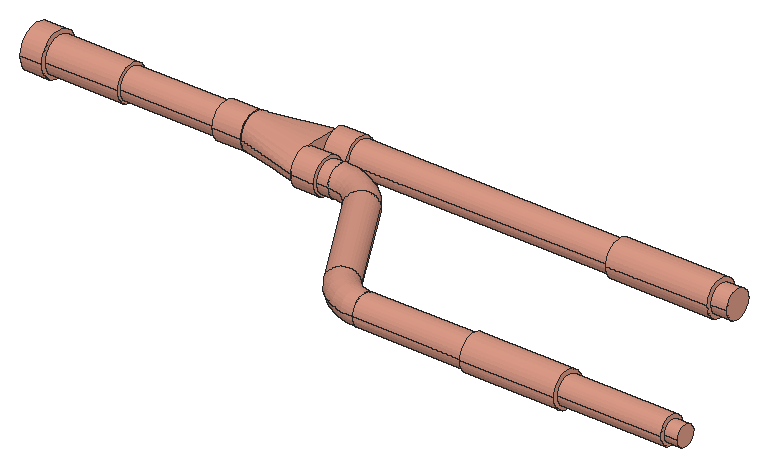
Revit family "outputfile", category 配管付属品, Revit 2024
Family settings
  丸型コネクタ寸法 = 半径を使用
  パーツ タイプ = 標準
  OmniClass 番号 = 23.65.55.00
  OmniClass タイトル = Distribution of Supplied Liquids/Gases
  作業面ベース = いいえ
  常に垂直 = はい
  ロード時にボイドで切り取り = いいえ
  共有 = いいえ
Parameters (values of type "KHRP26A72T")
  Description = ""
  製造元 = "Daikin"
  書き出し IFC クラス(タイプ) = "IfcPipeFittingType"
  定義済み IFC タイプ(タイプ) = "JUNCTION"
  Cost = 0
  Type Comments = ""
  Keynote = ""
  Type Image = (empty or 0)
  Assembly Code = ""
  mm⇔inch [instance] = yes
  l_InletPipe4 = 12.0 mm
  built-in parameter 1114242 [instance] = (empty or 0)
  Default Elevation = 0.0 mm
  モデル = "KHRP26A72T"
  table_StraightPipe [instance] = if(mm⇔inch, "Refnet Joint_KHRP26A-T_Liquid_StraightPipe", "Refnet Joint_KHRP26A-T_Liquid_StraightPipe_inch")  # "Refnet Joint_KHRP26A-T_Liquid_StraightPipe"
  table_BranchPipe [instance] = if(mm⇔inch, "Refnet Joint_KHRP26A-T_Liquid_BranchPipe", "Refnet Joint_KHRP26A-T_Liquid_BranchPipe_inch")  # "Refnet Joint_KHRP26A-T_Liquid_BranchPipe"
  table_Inlet [instance] = if(mm⇔inch, "Refnet Joint_KHRP26A-T_Liquid_Inlet", "Refnet Joint_KHRP26A-T_Liquid_Inlet_inch")  # "Refnet Joint_KHRP26A-T_Liquid_Inlet"
  switch_StraightPipe_Reducer [instance] = if(Is_StraightPipe Reducer = 1, 1 = 1, 1 = 0)  # no
  switch_StraightPipe3 [instance] = if(number_StraightPipe = 3, 1 = 1, 1 = 0)  # no
  switch_StraightPipe2 [instance] = if(number_StraightPipe < 2, 1 = 0, 1 = 1)  # yes
  switch_BranchPipe_Reducer [instance] = if(Is_BranchPipe Reducer = 1, 1 = 1, 1 = 0)  # no
  switch_BranchPipe3 [instance] = if(number_BranchPipe = 3, 1 = 1, 1 = 0)  # yes
  switch_BranchPipe2 [instance] = if(number_BranchPipe < 2, 1 = 0, 1 = 1)  # yes
  switch_Inlet pipe_Reducer [instance] = if(Is_Inlet Reducer = 1, 1 = 1, 1 = 0)  # no
  switch_Inlet pipe3 [instance] = if(number_InletPipe = 3, 1 = 1, 1 = 0)  # no
  switch_Inlet pipe2 [instance] = if(number_InletPipe < 2, 1 = 0, 1 = 1)  # yes
  Uniclass2015Version = "Products v1.31"
  Uniclass2015Title = "Copper pipe fittings"
  Uniclass2015Code = "Pr_65_52_63_18"
  URL = ""
  StraightPipe_Liquid_ActualDiameter [instance] = 9.5 mm
  Material_Piping = DAIKIN_Copper_Pipe
  Material_Insulation = DAIKIN_White_Insulation
  lw_Insulation [instance] = size_lookup(table_Inlet, "lw_Insulation", 38.0 mm, モデル)  # 52.0 mm
  Unit Type = "KHRP26A-T_Liquid"
  Tag No. [instance] = ""
  StraightPipe_Liquid_Status [instance] = size_lookup(table_StraightPipe, "Information", "The connected pipe size is not available.", モデル, StraightPipe_Liquid_ActualDiameter)  # "Default connector size is used."
  Link_Nested Family [instance] = ""
  Inlet_Liquid_Actual Diameter [instance] = 15.9 mm
  IfcVersion = ""
  IfcExportType = "JUNCTION"
  IfcExportAs = "IfcPipeFittingType"
  BranchPipe_Liquid_Status [instance] = size_lookup(table_BranchPipe, "Information", "The connected pipe size is not available.", モデル, BranchPipe_Liquid_ActualDiameter)  # "Default connector size is used."
  Inlet_Liquid_Status [instance] = size_lookup(table_Inlet, "Information", "The connected pipe size is not available.", モデル, Inlet_Liquid_Actual Diameter)  # "Default connector size is used."
  Series = "Refnet Joint"
  O.R_dividePipe_Inlet [instance] = (I.D_InletPipe1 + 2.0 mm) / 2  # 7.35 mm
  r_StraightPipe_Connector [instance] = StraightPipe_Liquid_ActualDiameter / 2  # 4.75 mm
  r_BranchPipe_Connector [instance] = BranchPipe_Liquid_ActualDiameter / 2  # 3.2 mm
  r_Inlet_Connector [instance] = Inlet_Liquid_Actual Diameter / 2  # 7.95 mm
  number_StraightPipe [instance] = size_lookup(table_StraightPipe, "pipeNumber", 2, モデル, StraightPipe_Liquid_ActualDiameter)  # 2
  number_BranchPipe [instance] = size_lookup(table_BranchPipe, "pipeNumber", 2, モデル, BranchPipe_Liquid_ActualDiameter)  # 3
  number_InletPipe [instance] = size_lookup(table_Inlet, "pipeNumber", 1, モデル, Inlet_Liquid_Actual Diameter)  # 2
  r_BranchPipeR [instance] = size_lookup(table_BranchPipe, "r_offsetPipeR", 18.0 mm, モデル, BranchPipe_Liquid_ActualDiameter)  # 20.0 mm
  l_BranchPipe_Straight2 [instance] = size_lookup(table_BranchPipe, "L_offsetPipe2", 25.5 mm, モデル)  # 46.0 mm
  l_BranchPipe_Straight1 [instance] = size_lookup(table_BranchPipe, "L_offsetPipe1", 5.0 mm, モデル)  # 5.0 mm
  l_BranchPipe connector [instance] = size_lookup(table_BranchPipe, "Length", 150.0 mm, モデル, BranchPipe_Liquid_ActualDiameter)  # 212.0 mm
  l_inlet connector [instance] = size_lookup(table_Inlet, "Length", 70.0 mm, モデル, Inlet_Liquid_Actual Diameter)  # 92.0 mm
  l_dividePipe [instance] = size_lookup(table_Inlet, "L_devidePipe", 30.0 mm, モデル)  # 28.0 mm
  l_StraightPipeReducer [instance] = size_lookup(table_StraightPipe, "L_Reducer", 80.0 mm, モデル, StraightPipe_Liquid_ActualDiameter)  # 80.0 mm
  l_StraightPipe3 [instance] = size_lookup(table_StraightPipe, "L_Pipe3", 2.0 mm, モデル)  # 2.0 mm
  l_StraightPipe2 [instance] = size_lookup(table_StraightPipe, "L_Pipe2", 6.0 mm, モデル)  # 7.0 mm
  l_StraightPipe1 [instance] = size_lookup(table_StraightPipe, "L_Pipe1", 44.0 mm, モデル)  # 43.0 mm
  l_StraightPipe0 [instance] = size_lookup(table_StraightPipe, "L_Pipe0", 130.0 mm, モデル)  # 110.0 mm
  l_StraightPipe connector [instance] = size_lookup(table_StraightPipe, "Length", 190.0 mm, モデル, StraightPipe_Liquid_ActualDiameter)  # 170.0 mm
  l_BranchPipe Reducer [instance] = size_lookup(table_BranchPipe, "L_Reducer", 50.0 mm, モデル, BranchPipe_Liquid_ActualDiameter)  # 50.0 mm
  l_BranchPipe3 [instance] = size_lookup(table_BranchPipe, "L_Pipe3", 2.0 mm, モデル)  # 6.0 mm
  l_BranchPipe2 [instance] = size_lookup(table_BranchPipe, "L_Pipe2", 6.0 mm, モデル)  # 44.0 mm
  l_BranchPipe1 [instance] = size_lookup(table_BranchPipe, "L_Pipe1", 44.0 mm, モデル)  # 40.0 mm
  l_BranchPipe0 [instance] = size_lookup(table_BranchPipe, "L_Pipe0", 90.0 mm, モデル)  # 112.0 mm
  l_InletReducer [instance] = size_lookup(table_Inlet, "L_Reducer", 80.0 mm, モデル, Inlet_Liquid_Actual Diameter)  # 80.0 mm
  l_InletPipe3 [instance] = size_lookup(table_Inlet, "L_Pipe3", 2.0 mm, モデル)  # 2.0 mm
  l_InletPipe2 [instance] = size_lookup(table_Inlet, "L_Pipe2", 2.0 mm, モデル)  # 9.0 mm
  l_InletPipe1 [instance] = size_lookup(table_Inlet, "L_Pipe1", 7.0 mm, モデル)  # 31.0 mm
  l_InletPipe0 [instance] = size_lookup(table_Inlet, "L_Pipe0", 53.0 mm, モデル)  # 40.0 mm
  center_StraightPipe [instance] = size_lookup(table_StraightPipe, "center_Pipe", 6.5 mm, モデル)  # 8.5 mm
  center_BranchPipe2 [instance] = size_lookup(table_BranchPipe, "center_OffsetPipe", 73.5 mm, モデル)  # 71.5 mm
  center_BranchPipe1 [instance] = size_lookup(table_BranchPipe, "center_Pipe", 6.5 mm, モデル)  # 8.5 mm
  StraightPipe_Liquid_AvailableDiameter [instance] = size_lookup(table_StraightPipe, "sizeVariation", "", モデル)  # "9.5/12.7/15.9mm"
  BranchPipe_Liquid_AvailableDiameter [instance] = size_lookup(table_BranchPipe, "sizeVariation", "", モデル)  # "6.4/9.5/12.7mm"
  Inlet_Liquid_Available Diameter [instance] = size_lookup(table_Inlet, "sizeVariation", "", モデル)  # "12.7/15.9/19.1mm"
  O.D_StraightPipe Reducer [instance] = size_lookup(table_StraightPipe, "O.D_reducer", 2.0 mm, モデル, StraightPipe_Liquid_ActualDiameter)  # 2.0 mm
  O.D_Offset Outlet Reducer [instance] = size_lookup(table_BranchPipe, "O.D_reducer", 2.0 mm, モデル, BranchPipe_Liquid_ActualDiameter)  # 2.0 mm
  O.D_Inlet Reducer [instance] = size_lookup(table_Inlet, "O.D_reducer", 2.0 mm, モデル, Inlet_Liquid_Actual Diameter)  # 2.0 mm
  Is_StraightPipe Reducer [instance] = size_lookup(table_StraightPipe, "IsReducer", 0, モデル, StraightPipe_Liquid_ActualDiameter)  # 0
  Is_BranchPipe Reducer [instance] = size_lookup(table_BranchPipe, "IsReducer", 0, モデル, BranchPipe_Liquid_ActualDiameter)  # 0
  Is_Inlet Reducer [instance] = size_lookup(table_Inlet, "IsReducer", 0, モデル, Inlet_Liquid_Actual Diameter)  # 0
  BranchPipe_Liquid_ActualDiameter [instance] = 6.4 mm
  Attach_Insulation [instance] = no
  I.D_StraightPipe3 [instance] = size_lookup(table_StraightPipe, "I.D_PipeSize3", 2.0 mm, モデル)  # 2.0 mm
  I.D_StraightPipe2 [instance] = size_lookup(table_StraightPipe, "I.D_PipeSize2", 6.4 mm, モデル)  # 9.5 mm
  I.D_StraightPipe1 [instance] = size_lookup(table_StraightPipe, "I.D_PipeSize1", 9.5 mm, モデル)  # 12.7 mm
  I.D_StraightPipe0 [instance] = size_lookup(table_StraightPipe, "I.D_PipeSize0", 7.5 mm, モデル)  # 10.7 mm
  I.D_BranchPipe3 [instance] = size_lookup(table_BranchPipe, "I.D_PipeSize3", 2.0 mm, モデル)  # 6.4 mm
  I.D_BranchPipe2 [instance] = size_lookup(table_BranchPipe, "I.D_PipeSize2", 6.4 mm, モデル)  # 9.5 mm
  I.D_BranchPipe1 [instance] = size_lookup(table_BranchPipe, "I.D_PipeSize1", 9.5 mm, モデル)  # 12.7 mm
  I.D_BranchPipe0 [instance] = size_lookup(table_BranchPipe, "I.D_PipeSize0", 7.5 mm, モデル)  # 10.7 mm
  I.D_Straight Reducer [instance] = size_lookup(table_StraightPipe, "I.D_reducer", 2.0 mm, モデル, StraightPipe_Liquid_ActualDiameter)  # 2.0 mm
  I.D_OutletPipe [instance] = size_lookup(table_Inlet, "I.D_OutletPipeSize", 9.6 mm, モデル, Inlet_Liquid_Actual Diameter)  # 12.8 mm
  I.D_Branch Reducer [instance] = size_lookup(table_BranchPipe, "I.D_reducer", 2.0 mm, モデル, BranchPipe_Liquid_ActualDiameter)  # 2.0 mm
  I.D_Inlet Reducer [instance] = size_lookup(table_Inlet, "I.D_reducer", 2.0 mm, モデル, Inlet_Liquid_Actual Diameter)  # 2.0 mm
  I.D_InletPipe3 [instance] = size_lookup(table_Inlet, "I.D_PipeSize3", 2.0 mm, モデル)  # 2.0 mm
  I.D_InletPipe2 [instance] = size_lookup(table_Inlet, "I.D_PipeSize2", 2.0 mm, モデル)  # 15.9 mm
  I.D_InletPipe1 [instance] = size_lookup(table_Inlet, "I.D_PipeSize1", 9.5 mm, モデル)  # 12.7 mm
  I.D_InletPipe0 [instance] = size_lookup(table_Inlet, "I.D_PipeSize0", 7.5 mm, モデル)  # 10.7 mm
Reference planes
  plane 1 "Center (Front/Back)": y = 0
  plane 2: z = 0
  plane 3 "base_left": x = 0
  plane 4: x = 2
  plane 5: x = 11
  plane 6: x = 42
  plane 7: x = 82
  plane 8: x = 94
  plane 9: x = 122
  plane 10: x = 132
  plane 11 "center_straight outlet": y = 8.5
  plane 12 "center2_offset outlet": y = -71.5
  plane 13 "center1_offset outlet": y = -8.5
  plane 14: x = 242
  plane 15: x = 285
  plane 16: x = 292
  plane 17: x = 244
  plane 18: x = 284
  plane 19: x = 328
  plane 20: x = 294
  plane 21: x = 334
  plane 22 "Reducer_straightoutlet": x = 334
  plane 23: x = 292
  plane 24: y = -15.85
  plane 25: z = 7.35
  plane 26 "Inlet_connector": x = 2
  plane 27 "Left_Insulation": x = 42
Forms (mm)
  SweptBlend 1, solid, material "DAIKIN_Copper_Pipe" <- "Material_Piping"
    path origin (0, 0, 0) x (1, 0, 0) y (0, 1, 0)
      loop
        line (94, 0) -> (122, 0)
    profile origin (94, 0, 0) x (0, 1, 0) y (0, 0, 1)
      loop
        circle (0, 0) r 7.35
    end profile origin (122, 0, 0) x (0, 1, 0) y (0, 0, 1)
      loop
        spline (-15.85, 0) -> (-15.31, -1.902) -> (-13.727, -3.675) -> (-11.208, -5.197) -> (-7.925, -6.365) -> (-4.102, -7.1) -> (0, -7.35) -> (4.102, -7.1) -> (7.925, -6.365) -> (11.208, -5.197) -> (13.727, -3.675) -> (15.31, -1.902) -> (15.85, 0)
        spline (15.85, 0) -> (15.31, 1.902) -> (13.727, 3.675) -> (11.208, 5.197) -> (7.925, 6.365) -> (4.102, 7.1) -> (0, 7.35) -> (-4.102, 7.1) -> (-7.925, 6.365) -> (-11.208, 5.197) -> (-13.727, 3.675) -> (-15.31, 1.902) -> (-15.85, 0)
Dimensions and locks
  "l_InletPipe3": plane 3 "base_left" to plane 4
  "l_InletPipe2": plane 4 to plane 5
  "l_InletPipe1": plane 5 to plane 6
  "l_InletPipe0": plane 6 to plane 7
  "l_InletPipe4": plane 7 to plane 8
  "center_StraightPipe": plane 1 "Center (Front/Back)" to plane 11 "center_straight outlet"
  "center_BranchPipe2": plane 12 "center2_offset outlet" to plane 1 "Center (Front/Back)"
  "center_BranchPipe1": plane 13 "center1_offset outlet" to plane 1 "Center (Front/Back)"
  "l_dividePipe": plane 8 to plane 9
  plane 9 to plane 10 = 10.0 mm
  "l_StraightPipe0": plane 10 to plane 14
  "l_BranchPipe0": plane 10 to plane 17
  "l_BranchPipe1": plane 17 to plane 18
  "l_BranchPipe2": plane 18 to plane 19
  "l_StraightPipe1": plane 14 to plane 15
  "l_StraightPipe2": plane 15 to plane 16
  "l_StraightPipe3": plane 16 to plane 20
  "l_BranchPipe3": plane 19 to plane 21
  "l_BranchPipe connector": plane 9 to plane 22 "Reducer_straightoutlet"
  "l_StraightPipe connector": plane 9 to plane 23
  "O.R_dividePipe_Inlet": plane 24 to plane 13 "center1_offset outlet"
  "O.R_dividePipe_Inlet": plane 25 to plane 2
  "l_inlet connector": plane 26 "Inlet_connector" to plane 8
  "lw_Insulation": plane 27 "Left_Insulation" to plane 8
  "O.R_dividePipe_Inlet": radius of SweptBlend 1 sketch curve
  aligned and locked: level to plane 2
  aligned and locked: plane 2 to nested 1
  aligned and locked: plane 3 "base_left" to nested 1
  aligned and locked: plane 1 "Center (Front/Back)" to nested 1
  aligned and locked: plane 4 to nested 2
  aligned and locked: plane 1 "Center (Front/Back)" to nested 2
  aligned and locked: plane 5 to nested 2
  aligned and locked: plane 5 to nested 3
  aligned and locked: plane 6 to nested 3
  aligned and locked: plane 6 to nested 4
  aligned and locked: nested 4 to plane 7
  aligned and locked: nested 5 to plane 7
  aligned and locked: nested 5 to plane 8
  aligned and locked: plane 8 to SweptBlend 1 sketch curve
  aligned and locked: plane 9 to SweptBlend 1 sketch curve
  aligned and locked: plane 2 to SweptBlend 1 sketch curve  (x2)
  aligned and locked: plane 1 "Center (Front/Back)" to SweptBlend 1 sketch curve  (x2)
  aligned and locked: nested 6 to plane 9
  aligned and locked: nested 7 to plane 9
  aligned and locked: nested 6 to plane 11 "center_straight outlet"
  aligned and locked: nested 7 to plane 13 "center1_offset outlet"
  aligned and locked: nested 7 to plane 10
  aligned and locked: nested 6 to plane 10
  aligned and locked: nested 8 to plane 10
  aligned and locked: plane 14 to nested 8
  aligned and locked: nested 8 to plane 11 "center_straight outlet"
  aligned and locked: plane 14 to nested 9
  aligned and locked: nested 9 to plane 11 "center_straight outlet"
  aligned and locked: plane 15 to nested 9
  aligned and locked: nested 10 to plane 11 "center_straight outlet"
  aligned and locked: plane 15 to nested 10
  aligned and locked: plane 16 to nested 10
  aligned and locked: nested 11 to plane 12 "center2_offset outlet"
  aligned and locked: plane 17 to nested 11
  aligned and locked: plane 18 to nested 11
  aligned and locked: nested 12 to plane 12 "center2_offset outlet"
  aligned and locked: plane 18 to nested 12
  aligned and locked: plane 19 to nested 12
  aligned and locked: nested 13 to plane 10
  aligned and locked: nested 13 to plane 13 "center1_offset outlet"
  aligned and locked: nested 13 to plane 12 "center2_offset outlet"
  aligned and locked: plane 8 to nested 14
  aligned and locked: plane 1 "Center (Front/Back)" to nested 14
  aligned and locked: plane 11 "center_straight outlet" to nested 15
  aligned and locked: nested 15 to plane 9
  aligned and locked: nested 16 to plane 9
  aligned and locked: plane 12 "center2_offset outlet" to nested 16
  aligned and locked: nested 17 to plane 1 "Center (Front/Back)"
  aligned and locked: plane 16 to nested 18
  aligned and locked: plane 20 to nested 18
  aligned and locked: plane 19 to nested 19
  aligned and locked: plane 21 to nested 19
  aligned and locked: nested 20 to plane 12 "center2_offset outlet"
  aligned and locked: plane 23 to nested 21
  aligned and locked: nested 21 to plane 11 "center_straight outlet"
  aligned and locked: plane 4 to nested 1
  aligned and locked: plane 24 to SweptBlend 1 sketch curve
  aligned and locked: plane 25 to SweptBlend 1 sketch curve
  aligned and locked: nested 19 to plane 12 "center2_offset outlet"
  aligned and locked: nested 18 to plane 11 "center_straight outlet"
  aligned and locked: nested 17 to plane 26 "Inlet_connector"
  aligned and locked: plane 22 "Reducer_straightoutlet" to nested 20
  aligned and locked: plane 27 "Left_Insulation" to nested 22
  aligned and locked: plane 1 "Center (Front/Back)" to nested 22
Automatic sketch dimensions
  plane 1 "Center (Front/Back)" to SweptBlend 1 sketch curve = 0.0 mm
Nested families
  nested 1: "daikin_Pipe" at (1, 0, 0), I.D_Pipe <- "I.D_InletPipe3", display <- "switch_Inlet pipe3", type "*"
    with length_Pipe 2.0 mm, display no, O.D_Pipe 4.0 mm, I.D_Pipe 2.0 mm
  nested 2: "daikin_Pipe" at (6.5, 0, 0), I.D_Pipe <- "I.D_InletPipe2", display <- "switch_Inlet pipe2", type "*"
    with length_Pipe 9.0 mm, display yes, O.D_Pipe 17.9 mm, I.D_Pipe 15.9 mm
  nested 3: "daikin_Pipe" at (26.5, 0, 0), I.D_Pipe <- "I.D_InletPipe1", type "*"
    with length_Pipe 31.0 mm, display yes, O.D_Pipe 14.7 mm, I.D_Pipe 12.7 mm
  nested 4: "daikin_Pipe" at (62, 0, 0), I.D_Pipe <- "I.D_InletPipe0", type "*"
    with length_Pipe 40.0 mm, display yes, O.D_Pipe 12.7 mm, I.D_Pipe 10.7 mm
  nested 5: "daikin_Pipe" at (88, 0, 0), I.D_Pipe <- "I.D_InletPipe1", type "*"
    with length_Pipe 12.0 mm, display yes, O.D_Pipe 14.7 mm, I.D_Pipe 12.7 mm
  nested 6: "daikin_Pipe" at (127, 8.5, 0), I.D_Pipe <- "I.D_OutletPipe", type "*"
    with length_Pipe 10.0 mm, display yes, O.D_Pipe 14.8 mm, I.D_Pipe 12.8 mm
  nested 7: "daikin_Pipe" at (127, -8.5, 0), I.D_Pipe <- "I.D_OutletPipe", type "*"
    with length_Pipe 10.0 mm, display yes, O.D_Pipe 14.8 mm, I.D_Pipe 12.8 mm
  nested 8: "daikin_Pipe" at (187, 8.5, 0), I.D_Pipe <- "I.D_StraightPipe0", type "*"
    with length_Pipe 110.0 mm, display yes, O.D_Pipe 12.7 mm, I.D_Pipe 10.7 mm
  nested 9: "daikin_Pipe" at (263.5, 8.5, 0), I.D_Pipe <- "I.D_StraightPipe1", type "*"
    with length_Pipe 43.0 mm, display yes, O.D_Pipe 14.7 mm, I.D_Pipe 12.7 mm
  nested 10: "daikin_Pipe" at (288.5, 8.5, 0), I.D_Pipe <- "I.D_StraightPipe2", display <- "switch_StraightPipe2", type "*"
    with length_Pipe 7.0 mm, display yes, O.D_Pipe 11.5 mm, I.D_Pipe 9.5 mm
  nested 11: "daikin_Pipe" at (264, -71.5, 0), I.D_Pipe <- "I.D_BranchPipe1", type "*"
    with length_Pipe 40.0 mm, display yes, O.D_Pipe 14.7 mm, I.D_Pipe 12.7 mm
  nested 12: "daikin_Pipe" at (306, -71.5, 0), I.D_Pipe <- "I.D_BranchPipe2", display <- "switch_BranchPipe2", type "*"
    with length_Pipe 44.0 mm, display yes, O.D_Pipe 11.5 mm, I.D_Pipe 9.5 mm
  nested 13: "daikin_Pipe Ofsset" at (132, -8.5, 0), I.D_Pipe size <- "I.D_BranchPipe0", length_straight pipe1 <- "l_BranchPipe_Straight1", length_straight pipe2 <- "l_BranchPipe_Straight2", r_Pipe R <- "r_BranchPipeR", length_Pipe <- "l_BranchPipe0", type "*"
    with r_Pipe R 20.0 mm, length_straight pipe2 46.0 mm, length_straight pipe1 5.0 mm, length_offset center 63.0 mm, length_Pipe 112.0 mm, O.D_Pipe size 12.7 mm, I.D_Pipe size 10.7 mm
  nested 14: "daikin_connector_rotate2" at (94, 0, 0) x (0, -1, 0) z (0, 0, 1), length <- "l_inlet connector", type "daikin_connector_rotate2"
    with radius 5.0 mm, length 92.0 mm, angle_vertical 90.00°, locaton_mark no
  nested 15: "daikin_connector_rotate2" at (122, 8.5, 0) x (0, 1, 0) z (0, 0, 1), length <- "l_StraightPipe connector", type "daikin_connector_rotate2"
    with radius 5.0 mm, length 170.0 mm, angle_vertical 90.00°, locaton_mark no
  nested 16: "daikin_connector_rotate2" at (122, -71.5, 0) x (0, 1, 0) z (0, 0, 1), length <- "l_BranchPipe connector", type "daikin_connector_rotate2"
    with radius 5.0 mm, length 212.0 mm, angle_vertical 90.00°, locaton_mark no
  nested 17: "daikin_Pipe_reducer" at (42, 0, 0) x (-1, 0, 0) z (0, 0, 1), display <- "switch_Inlet pipe_Reducer", length_Pipe <- "l_InletReducer", I.D_Pipe1 <- "I.D_Inlet Reducer", O.D_Pipe2 <- "O.D_Inlet Reducer", type "*"
    with length_Pipe 80.0 mm, display no, O.D_Pipe2 2.0 mm, O.D_Pipe1 4.0 mm, I.D_Pipe2 0.0 mm, I.D_Pipe1 2.0 mm
  nested 18: "daikin_Pipe" at (293, 8.5, 0), I.D_Pipe <- "I.D_StraightPipe3", display <- "switch_StraightPipe3", type "*"
    with length_Pipe 2.0 mm, display no, O.D_Pipe 4.0 mm, I.D_Pipe 2.0 mm
  nested 19: "daikin_Pipe" at (331, -71.5, 0), I.D_Pipe <- "I.D_BranchPipe3", display <- "switch_BranchPipe3", type "*"
    with length_Pipe 6.0 mm, display yes, O.D_Pipe 8.4 mm, I.D_Pipe 6.4 mm
  nested 20: "daikin_Pipe_reducer" at (309, -71.5, 0), I.D_Pipe1 <- "I.D_Branch Reducer", O.D_Pipe2 <- "O.D_Offset Outlet Reducer", length_Pipe <- "l_BranchPipe Reducer", display <- "switch_BranchPipe_Reducer", type "*"
    with length_Pipe 50.0 mm, display no, O.D_Pipe2 2.0 mm, O.D_Pipe1 4.0 mm, I.D_Pipe2 0.0 mm, I.D_Pipe1 2.0 mm
  nested 21: "daikin_Pipe_reducer" at (252, 8.5, 0), I.D_Pipe1 <- "I.D_Straight Reducer", O.D_Pipe2 <- "O.D_StraightPipe Reducer", length_Pipe <- "l_StraightPipeReducer", display <- "switch_StraightPipe_Reducer", type "*"
    with length_Pipe 80.0 mm, display no, O.D_Pipe2 2.0 mm, O.D_Pipe1 4.0 mm, I.D_Pipe2 0.0 mm, I.D_Pipe1 2.0 mm
  nested 22: "daikin_Insulation_RefnetJoint" at (42, 0, 0), I.D_Outlet PipeSize <- "I.D_OutletPipe", type "*"
    with h 44.8 mm, I.D_Outlet PipeSize 12.8 mm, d_Insulation3_3 66.6 mm, d_Insulation2_2 34.0 mm, d_Insulation1_1 23.3 mm, w_Insulation5 191.0 mm, w_Insulation4 67.3 mm, w_Insulation3 19.5 mm, w_Insulation2 56.6 mm, w_Insulation1 9.0 mm, display no, d_Insulation3 63.1 mm, d_Insulation2 35.5 mm, d_Insulation1 24.8 mm
Connectors
  piping at (2, 0, 0), diameter 15.9, driven by "r_Inlet_Connector"
    settings: on nested 14, index 1, connector inside diameter 609.6 mm, connector length 0.0 mm, flow factor 0, pipe flow 0.00 m³/h, pressure drop 0.0 Pa, fitting loss kfactor 0, connector angle 0.00°, fixture units 0, engagement length 0.0 mm, angle of deflection 0.00°, flow configuration 0, flow direction 1, fitting loss method 0, system type 29, joint type 0, gender type 0, connector reference index -1, connector utility 0, adjustable connector no, is connector primary yes, connector description "Refnet Joint_Inlet_Liquid"
  piping at (334, -71.5, 0), diameter 6.4, driven by "r_BranchPipe_Connector"
    settings: on nested 16, index 2, connector inside diameter 609.6 mm, connector length 0.0 mm, flow factor 0, pipe flow 0.00 m³/h, pressure drop 0.0 Pa, fitting loss kfactor 0, connector angle 0.00°, fixture units 0, engagement length 0.0 mm, angle of deflection 0.00°, flow configuration 0, flow direction 2, fitting loss method 0, system type 29, joint type 0, gender type 0, connector reference index -1, connector utility 0, adjustable connector no, is connector primary no, connector description "Refnet Joint_Outlet Branch_Liquid"
  piping at (292, 8.5, 0), diameter 9.5, driven by "r_StraightPipe_Connector"
    settings: on nested 15, index 3, connector inside diameter 609.6 mm, connector length 0.0 mm, flow factor 0, pipe flow 0.00 m³/h, pressure drop 0.0 Pa, fitting loss kfactor 0, connector angle 0.00°, fixture units 0, engagement length 0.0 mm, angle of deflection 0.00°, flow configuration 0, flow direction 2, fitting loss method 0, system type 29, joint type 0, gender type 0, connector reference index -1, connector utility 0, adjustable connector no, is connector primary no, connector description "Refnet Joint_Outlet Straight_Liquid"
Definition of nested family "daikin_Pipe"
  Parameters (values of type "*")
    Default Elevation = 0.0 mm
    material = none
    length_Pipe [instance] = 150.0 mm
    display [instance] = yes
    O.D_Pipe [instance] = I.D_Pipe + 2.0 mm  # 27.0 mm
    I.D_Pipe [instance] = 25.0 mm
  Reference planes
    plane 1 "Center (Front/Back)": y = 0
    plane 2 "center(vertical)": z = 0
    plane 3 "Center (Left/Right)": x = 0
    plane 4 "left": x = -75
    plane 5 "right": x = 75
  Forms (mm)
    Extrusion 1, solid, material <- "material", visible <- "display"
      sketch origin (0, 0, 0) x (0, 1, 0) y (0, 0, 1)
        loop
          circle (0, 0) r 13.5
      from -75 to 75
  Dimensions and locks
    equal spacing: plane 4 "left", plane 3 "Center (Left/Right)", plane 5 "right"
    "length_Pipe": plane 4 "left" to plane 5 "right"
    "O.D_Pipe": diameter of Extrusion 1 sketch curve
    aligned and locked: level to plane 2 "center(vertical)"
    aligned and locked: plane 2 "center(vertical)" to Extrusion 1 sketch curve
    aligned and locked: plane 1 "Center (Front/Back)" to Extrusion 1 sketch curve
    aligned and locked: plane 5 "right" to Extrusion 1
    aligned and locked: Extrusion 1 to plane 4 "left"
Definition of nested family "daikin_Pipe Ofsset"
  Parameters (values of type "*")
    Default Elevation = 0.0 mm
    r_Pipe R [instance] = 18.0 mm
    material = none
    length_straight pipe2 [instance] = 25.5 mm
    length_straight pipe1 [instance] = 5.0 mm
    length_offset center [instance] = 67.5 mm
    length_Pipe [instance] = 90.0 mm
    O.D_Pipe size [instance] = I.D_Pipe size + 2.0 mm  # 12.0 mm
    I.D_Pipe size [instance] = 10.0 mm
  Reference planes
    plane 1 "Center (Front/Back)": y = 0
    plane 2: z = 0
    plane 3 "Center (Left/Right)": x = 0
    plane 4: y = -67.5
    plane 5: x = 90
    plane 6: x = 64.5
    plane 7: x = 5
  Forms (mm)
    Sweep 1, solid, material <- "material"
      path origin (0, 0, 0) x (1, 0, 0) y (0, 1, 0)
        loop
          line (0, 0) -> (5, 0)
          arc (5, 0) -> (14.03, -2.429) -> (20.623, -9.061) r 18
          line (20.623, -9.061) -> (48.877, -58.439)
          arc (48.877, -58.439) -> (55.47, -65.071) -> (64.5, -67.5) r 18
          line (64.5, -67.5) -> (90, -67.5)
      profile origin (2.5, 0, 0) x (0, 1, 0) y (0, 0, 1)
        loop
          circle (0, 0) r 6
  Dimensions and locks
    "length_offset center": plane 4 to plane 1 "Center (Front/Back)"
    "length_straight pipe1": plane 3 "Center (Left/Right)" to plane 7
    "length_Pipe": plane 3 "Center (Left/Right)" to plane 5
    "length_straight pipe2": plane 6 to plane 5
    "O.D_Pipe size": diameter of Sweep 1 sketch curve
    "r_Pipe R": radius of Sweep 1 sketch curve  (x2)
    aligned and locked: level to plane 2
    aligned and locked: plane 1 "Center (Front/Back)" to Sweep 1 sketch curve
    aligned and locked: profile plane to Sweep 1 sketch curve
    aligned and locked: plane 5 to Sweep 1 sketch curve
    aligned and locked: plane 7 to Sweep 1 sketch curve
    aligned and locked: plane 6 to Sweep 1 sketch curve
  Automatic sketch dimensions
    plane 1 "Center (Front/Back)" to Sweep 1 sketch curve = 0.0 mm
    Sweep 1 sketch curve to plane 3 "Center (Left/Right)" = 0.0 mm
    plane 4 to Sweep 1 sketch curve = 0.0 mm
Definition of nested family "daikin_connector_rotate2"
  Parameters (values of type "daikin_connector_rotate2")
    show_face = no
    radius [instance] = 10.0 mm
    locaton_mark = yes
    length [instance] = 600.0 mm
    d_surface = 10.0 mm
    angle_vertical [instance] = 90.00°
    Default Elevation = 0.0 mm
  Reference planes
    plane 1 "Center (Front/Back)": y = 0
    plane 2: z = 0
    plane 3 "Center (Left/Right)": x = 0
  Forms (mm)
    Extrusion 1, solid, visible <- "show_face"
      sketch origin (0, -600, 0) x (1, 0, 0) y (0, 0, 1)
        loop
          circle (0, 0) r 10
      from 0 to -10
  Lines and regions (mm)
    reference lines
      curve 1: line (0, 0, 0) -> (0, -600, 0)
    symbolic lines, visible <- "locaton_mark"
      curve 2: circle (0, 0, 0) r 5 normal (0, 0, 1)
    model lines, visible <- "show_face"
      curve 3: line (0, 0, 0) -> (0, -600, 0)
  Dimensions and locks
    "length": curve 1 to curve 1
    "length": curve 3 to curve 3
    "d_surface": Extrusion 1 to Extrusion 1
    "radius": radius of Extrusion 1 sketch curve
    "angle_vertical": angle curve 1 to plane 1 "Center (Front/Back)"
    "angle_vertical": angle curve 3 to plane 1 "Center (Front/Back)"
    aligned and locked: level to plane 2
    aligned and locked: plane 1 "Center (Front/Back)" to curve 1
    aligned and locked: plane 2 to curve 1
    aligned and locked: plane 1 "Center (Front/Back)" to curve 2
    aligned and locked: plane 3 "Center (Left/Right)" to curve 2
    aligned and locked: plane 1 "Center (Front/Back)" to curve 3
    aligned and locked: plane 2 to curve 3
    aligned and locked: Extrusion 1 to Extrusion 1
  Automatic sketch dimensions
    Extrusion 1 sketch curve to level = 0.0 mm
    Extrusion 1 sketch curve to plane 3 "Center (Left/Right)" = 0.0 mm
    radius of curve 2 = 5.0 mm
Definition of nested family "daikin_Pipe_reducer"
  Parameters (values of type "*")
    Default Elevation = 0.0 mm
    material = none
    length_Pipe [instance] = 250.0 mm
    display [instance] = yes
    O.D_Pipe2 [instance] = 19.1 mm
    O.D_Pipe1 [instance] = I.D_Pipe1 + 2.0 mm  # 24.2 mm
    I.D_Pipe2 [instance] = O.D_Pipe2 - 2.0 mm  # 17.1 mm
    I.D_Pipe1 [instance] = 22.2 mm
  Reference planes
    plane 1 "Center (Front/Back)": y = 0
    plane 2 "center(vertical)": z = 0
    plane 3 "Center (Left/Right)": x = 0
    plane 4 "connection": x = -125
    plane 5 "right": x = 113
    plane 6: x = 125
  Forms (mm)
    Extrusion 1, solid, material <- "material", visible <- "display"
      sketch origin (0, 0, 0) x (0, 1, 0) y (0, 0, 1)
        loop
          circle (0, 0) r 9.55
      from -125 to 113
    Extrusion 2, solid, material <- "material", visible <- "display"
      sketch origin (0, 0, 0) x (0, 1, 0) y (0, 0, 1)
        loop
          circle (0, 0) r 12.1
      from 113 to 125
  Dimensions and locks
    locked: plane 5 "right" to plane 6 at 12
    "length_Pipe": plane 4 "connection" to plane 6
    equal spacing: plane 4 "connection", plane 3 "Center (Left/Right)", plane 6
    "O.D_Pipe2": diameter of Extrusion 1 sketch curve
    "O.D_Pipe1": diameter of Extrusion 2 sketch curve
    aligned and locked: level to plane 2 "center(vertical)"
    aligned and locked: plane 2 "center(vertical)" to Extrusion 1 sketch curve
    aligned and locked: plane 1 "Center (Front/Back)" to Extrusion 1 sketch curve
    aligned and locked: plane 5 "right" to Extrusion 1
    aligned and locked: Extrusion 1 to plane 4 "connection"
    aligned and locked: plane 2 "center(vertical)" to Extrusion 2 sketch curve
    aligned and locked: plane 1 "Center (Front/Back)" to Extrusion 2 sketch curve
    aligned and locked: Extrusion 2 to plane 5 "right"
    aligned and locked: plane 6 to Extrusion 2
Definition of nested family "daikin_Insulation_RefnetJoint"
  Parameters (values of type "*")
    d_Insulation3_3 = size_lookup(table_Insulation, "d_Insulation3_3", 131.5 mm, Model)  # 74.9 mm
    d_Insulation2_2 = size_lookup(table_Insulation, "d_Insulation2_2", 79.0 mm, Model)  # 40.2 mm
    d_Insulation1_1 = size_lookup(table_Insulation, "d_Insulation1_1", 56.0 mm, Model)  # 27.2 mm
    Default Elevation = 0.0 mm
    Model = "KHRP26A73T + KHRP26M73TP"
    w_Insulation5 = size_lookup(table_Insulation, "w_Insulation5", 212.0 mm, Model)  # 238.0 mm
    w_Insulation4 = size_lookup(table_Insulation, "w_Insulation4", 67.0 mm, Model)  # 55.9 mm
    w_Insulation3 = size_lookup(table_Insulation, "w_Insulation3", 34.7 mm, Model)  # 42.1 mm
    w_Insulation2 = size_lookup(table_Insulation, "w_Insulation2", 80.0 mm, Model)  # 71.0 mm
    w_Insulation1 = size_lookup(table_Insulation, "w_Insulation1", 22.0 mm, Model)  # 28.0 mm
    table_Insulation = "Refnet Joint_KHRP26A-T_Liquid_Insulation"  # constant formula
    material = none
    h [instance] = (I.D_Outlet PipeSize + 2.0 mm) + 30.0 mm  # 47.0 mm
    display = yes
    d_Insulation3 = size_lookup(table_Insulation, "d_Insulation3", 131.5 mm, Model)  # 68.4 mm
    d_Insulation2 = size_lookup(table_Insulation, "d_Insulation2", 79.0 mm, Model)  # 38.9 mm
    d_Insulation1 = size_lookup(table_Insulation, "d_Insulation1", 56.0 mm, Model)  # 25.8 mm
    I.D_Outlet PipeSize [instance] = 15.0 mm
  Reference planes
    plane 1 "Center (Front/Back)": y = 0
    plane 2: z = 0
    plane 3 "Left": x = 0
    plane 4 "top": z = 23.5
    plane 5 "bottom": z = -23.5
    plane 6: x = 28
    plane 7: x = 71
    plane 8: y = 27.2
    plane 9: y = -25.8
    plane 10: y = 40.2
    plane 11: y = -38.9
    plane 12: y = -103.1
    plane 13: x = 238
    plane 14: y = -34.7
    plane 15: x = 113.1
    plane 16: x = 182.1
  Forms (mm)
    Extrusion 1, solid, material <- "material", visible <- "display"
      sketch origin (6, 0, 0) x (1, 0, 0) y (0, 1, 0)
        loop
          line (22, 27.2) -> (-6, 27.2) -> (-6, -25.8) -> (22, -25.8) -> (65, -38.9) -> (107.1, -38.9) -> (176.1, -103.1) -> (232, -103.1) -> (232, -51.7) -> (222.5, -51.7)
          arc (222.5, -51.7) -> (205.5, -34.7) -> (222.5, -17.7) r 17
          line (222.5, -17.7) -> (232, -17.7) -> (232, 40.2) -> (65, 40.2) -> (22, 27.2)
      from -23.5 to 23.5
  Dimensions and locks
    equal spacing: plane 4 "top", plane 2, plane 5 "bottom"
    "h": plane 4 "top" to plane 5 "bottom"
    "w_Insulation1": plane 3 "Left" to plane 6
    "w_Insulation2": plane 3 "Left" to plane 7
    "w_Insulation5": plane 3 "Left" to plane 13
    "w_Insulation3": plane 7 to plane 15
    "w_Insulation4": plane 16 to plane 13
    "d_Insulation1": plane 1 "Center (Front/Back)" to plane 9
    "d_Insulation1_1": plane 8 to plane 1 "Center (Front/Back)"
    "d_Insulation2": plane 1 "Center (Front/Back)" to plane 11
    "d_Insulation2_2": plane 10 to plane 1 "Center (Front/Back)"
    "d_Insulation3_3": plane 10 to plane 14
    "d_Insulation3": plane 14 to plane 12
    Extrusion 1 sketch curve to plane 14 to Extrusion 1 sketch curve = 17.0 mm locked, 17.0 mm locked
    aligned and locked: level to plane 2
    aligned and locked: Extrusion 1 to plane 5 "bottom"
    aligned and locked: plane 4 "top" to Extrusion 1
    aligned and locked: plane 6 to Extrusion 1  (x2)
    aligned and locked: plane 7 to Extrusion 1  (x2)
    aligned and locked: plane 6 to Extrusion 1 sketch curve
    aligned and locked: plane 11 to Extrusion 1 sketch curve
    aligned and locked: plane 7 to Extrusion 1 sketch curve  (x2)
    aligned and locked: plane 10 to Extrusion 1 sketch curve
    aligned and locked: Extrusion 1 sketch curve to plane 12
    aligned and locked: Extrusion 1 sketch curve to plane 13  (x2)
    aligned and locked: plane 16 to Extrusion 1 sketch curve
    aligned and locked: plane 15 to Extrusion 1 sketch curve
  Automatic sketch dimensions
    Extrusion 1 sketch curve to plane 3 "Left" = 0.0 mm
    Extrusion 1 sketch curve to plane 6 = 0.0 mm
    Extrusion 1 sketch curve to plane 9 = 0.0 mm
    Extrusion 1 sketch curve to plane 8 = 0.0 mm
    Extrusion 1 sketch curve to plane 13 = 9.5 mm
